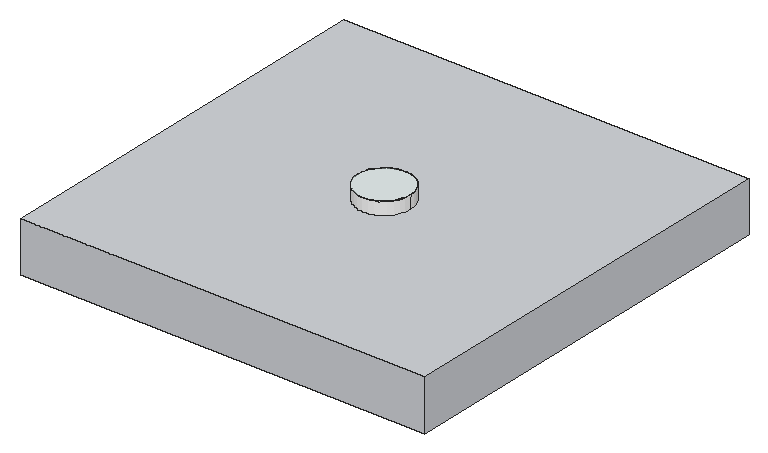
Revit family "POLYEVO", category Luminaires, Revit 2021
Family settings
  Hôte = Face
  Cote de connecteur circulaire = Utiliser le diamètre
  Type d'élément = Normal
  Numéro OmniClass = 23.80.70.11.17
  Titre OmniClass = Specialized Lighting by Location or Use
  Couper avec des vides une fois chargée = Non
  Source d'éclairage = Oui
  Partagée = Non
  Point de calcul de pièce = Oui
Parameters (values of type "DÉTEC HF 4000K BLANC 883002")
  Épaisseur côté = 1 mm
  Épaisseur = 74 mm
  URL = "https://www.resistex-sa.com/fr/polyevo-3313lm-hf-bl-4000k-717.html"
  Tension = 230 V  # constant formula
  built-in parameter 1150107 = 4000 (stored number, unit not read)
  Wattage = 26.8 W
  built-in parameter 1150110 = 1 (stored number, unit not read)
  built-in parameter 1150109 = 1 (stored number, unit not read)
  built-in parameter 1114218 = 1 (stored number, unit not read)
  built-in parameter 1150113 = 1 (stored number, unit not read)
  built-in parameter 1150112 = 1 (stored number, unit not read)
  Nombre pôles = 1  # constant formula
  built-in parameter 1150137 = (empty or 0)
  built-in parameter 1150132 = (empty or 0)
  Modèle = "Polyevo"  # constant formula
  Matériau diffuseur = PC Transparent
  Matériau corps = PC Blanc
  built-in parameter 1150105 = 263.6 (stored number, unit not read)
  built-in parameter 1150102 = (empty or 0)
  Indice de charge = Eclairage
  Image du type = <Aucun>
  IP = "65"  # constant formula
  IK = "10"  # constant formula
  Gradation des changements de température de couleur de lampe = <Aucun>
  Garantie = "5 ans"  # constant formula
  Lumens = 3312.48 lm
  Color Filter = 16777215
  Fichier de distribution photométrique = "883002.ies"
  built-in parameter 1114217 = 1 (stored number, unit not read)
  built-in parameter 1150139 = (empty or 0)
  Fabricant = "Résistex"  # constant formula
  Emit from Circle Diameter = 609.6 mm
  Emit Shape Visible in Rendering = no
  Default Elevation = 0 mm
  built-in parameter 1150104 = 11.483 (stored number, unit not read)
  built-in parameter 1150106 = 2.636 (stored number, unit not read)
  built-in parameter 1150115 = 1 (stored number, unit not read)
  built-in parameter 1150114 = 1 (stored number, unit not read)
  Diamètre = 320 mm
  Description = "Hublot équipé d'une platine LED SMD, efficacité lumineuse de 123.6lm/W"
  Coût = 150
  built-in parameter 1150138 = (empty or 0)
  built-in parameter 1150134 = 12
  Commentaires relatifs à la puissance = "26.8W"
  Apparent Load = 31.53 VA
  Tilt Angle = 60.00°
  built-in parameter 1150133 = 10 (stored number, unit not read)
Types (25, lengths in mm): name | URL | built-in parameter 1150107 | Wattage | Matériau corps | built-in parameter 1150105 | Lumens | Fichier de distribution photométrique | built-in parameter 1150104 | built-in parameter 1150106 | Description | Coût | built-in parameter 1150134 | Commentaires relatifs à la puissance | Apparent Load
  (no name) | "https://www.resistex-sa.com/fr/polyevo-3313lm-hf-bl-4000k-717.html" | 4000 (stored number, unit not read) | 26.8 W | PC Blanc | 263.6 (stored number, unit not read) | 3312.48 lm | "883002.ies" | 11.483 (stored number, unit not read) | 2.636 (stored number, unit not read) | "Hublot équipé d'une platine LED SMD, efficacité lumineuse de 123.6lm/W" | 150 | 12 | "26.8W" | 31.53 VA
  ON/OFF 4000K BLANC 883001 | "https://www.resistex-sa.com/fr/polyevo-3313lm-bl-4000k-716.html" | 4000 (stored number, unit not read) | 25.8 W | PC Blanc | 263.62 (stored number, unit not read) | 3312.72 lm | "883001.ies" | 11.929 (stored number, unit not read) | 2.6362 (stored number, unit not read) | "Hublot équipé d'une platine LED SMD, efficacité lumineuse de 128.4lm/W" | 122.5 | 12 | "25.8W" | 27.45 VA
  DÉTEC HF 4000K BLANC 883002 | "https://www.resistex-sa.com/fr/polyevo-3313lm-hf-bl-4000k-717.html" | 4000 (stored number, unit not read) | 26.8 W | PC Blanc | 263.6 (stored number, unit not read) | 3312.48 lm | "883002.ies" | 11.483 (stored number, unit not read) | 2.636 (stored number, unit not read) | "Hublot équipé d'une platine LED SMD, efficacité lumineuse de 123.6lm/W" | 150 | 12 | "26.8W" | 31.53 VA
  DÉTEC HF PRÉAVIS DEXTNCTION BLUETOOTH 4000K BLANC 883004 | "https://www.resistex-sa.com/fr/polyevo-3313lm-hf-pre-bt-bl-4000k-784.html" | 4000 (stored number, unit not read) | 26.8 W | PC Blanc | 263.6 (stored number, unit not read) | 3312.48 lm | "883004.ies" | 11.483 (stored number, unit not read) | 2.636 (stored number, unit not read) | "Hublot équipé d'une platine LED SMD et d'une détection hyperfréquence pilotée avec préavis d'extinction paramétrable par Bluetooth, efficacité lumineuse de 123.6lm/W" | 287.5 | 12 | "26.8W" | 29.78 VA
  ON/OFF 4000K GRAPHITE 883005 | "https://www.resistex-sa.com/fr/polyevo-2942lm-gr-4000k-839.html" | 4000 (stored number, unit not read) | 26 W | PC Graphite | 233.8 (stored number, unit not read) | 2938 lm | "883005.ies" | 10.498 (stored number, unit not read) | 2.338 (stored number, unit not read) | "Hublot équipé d'une platine LED SMD, efficacité lumineuse de 113lm/W" | 122.5 | 12 | "26W" | 27.66 VA
  DÉTEC HF 4000K GRAPHITE 883006 | "https://www.resistex-sa.com/fr/polyevo-2942lm-hf-gr-4000k-840.html" | 4000 (stored number, unit not read) | 27 W | PC Graphite | 233.98 (stored number, unit not read) | 2940.3 lm | "883006.ies" | 10.117 (stored number, unit not read) | 2.3398 (stored number, unit not read) | "Hublot équipé d'une platine LED SMD et d'une détection hyperfréquences paramétrable par micro-switch, efficacité lumineuse de 108.9lm/W" | 150 | 12 | "27W" | 31.76 VA
  DÉTEC HF PRÉAVIS DEXTNCTION BLUETOOTH 4000K GRAPHITE 883008 | "https://www.resistex-sa.com/fr/polyevo-2942lm-hf-pre-bt-gr-4000k-842.html" | 4000 (stored number, unit not read) | 27 W | PC Graphite | 233.98 (stored number, unit not read) | 2940.3 lm | "883008.ies" | 10.117 (stored number, unit not read) | 2.3398 (stored number, unit not read) | "Hublot équipé d'une platine LED SMD et d'une détection hyperfréquence pilotée avec préavis d'extinction paramétrable par Bluetooth, efficacité lumineuse de 108.9lm/W" | 287.5 | 12 | "27W" | 30 VA
  ON/OFF 3000K BLANC 883009 | "https://www.resistex-sa.com/fr/polyevo-3063lm-bl-3000k-864.html" | 3000 (stored number, unit not read) | 25.7 W | PC Blanc | 243.37 (stored number, unit not read) | 3058.3 lm | "883009.ies" | 11.055 (stored number, unit not read) | 2.4337 (stored number, unit not read) | "Hublot équipé d'une platine LED SMD, efficacité lumineuse de 119lm/W" | 122.5 | (empty or 0) | "25.7W" | 27.34 VA
  DÉTEC HF 3000K BLANC 883010 | "https://www.resistex-sa.com/fr/polyevo-3063lm-hf-bl-3000k-865.html" | 3000 (stored number, unit not read) | 26.7 W | PC Blanc | 243.71 (stored number, unit not read) | 3062.49 lm | "883010.ies" | 10.656 (stored number, unit not read) | 2.4371 (stored number, unit not read) | "Hublot équipé d'une platine LED SMD et d'une détection hyperfréquences paramétrable par micro-switch, efficacité lumineuse de 114.7lm/W" | 150 | (empty or 0) | "26.7W" | 31.41 VA
  DÉTEC HF PRÉAVIS DEXTNCTION BLUETOOTH 3000K BLANC 883012 | "https://www.resistex-sa.com/fr/polyevo-3063lm-hf-pre-bt-bl-3000k-867.html" | 3000 (stored number, unit not read) | 26.7 W | PC Blanc | 243.71 (stored number, unit not read) | 3062.49 lm | "883012.ies" | 10.656 (stored number, unit not read) | 2.4371 (stored number, unit not read) | "Hublot équipé d'une platine LED SMD et d'une détection hyperfréquence pilotée avec préavis d'extinction paramétrable par Bluetooth, efficacité lumineuse de 114.7lm/W" | 287.5 | (empty or 0) | "26.7W" | 29.67 VA
  ON/OFF 3000K GRAPHITE 883013 | "https://www.resistex-sa.com/fr/polyevo-2722lm-gr-3000k-868.html" | 3000 (stored number, unit not read) | 25.9 W | PC Graphite | 216.41 (stored number, unit not read) | 2719.5 lm | "883013.ies" | 9.7548 (stored number, unit not read) | 2.1641 (stored number, unit not read) | "Hublot équipé d'une platine LED SMD, efficacité lumineuse de 105lm/W" | 122.5 | (empty or 0) | "25.9W" | 27.55 VA
  DÉTEC HF 3000K GRAPHITE 883014 | "https://www.resistex-sa.com/fr/polyevo-2722lm-hf-gr-3000k-869.html" | 3000 (stored number, unit not read) | 26.9 W | PC Graphite | 216.2 (stored number, unit not read) | 2716.9 lm | "883014.ies" | 9.3832 (stored number, unit not read) | 2.162 (stored number, unit not read) | "Hublot équipé d'une platine LED SMD et d'une détection hyperfréquences paramétrable par micro-switch, efficacité lumineuse de 101lm/W" | 150 | (empty or 0) | "26.9W" | 31.65 VA
  DÉTEC HF PRÉAVIS DEXTNCTION BLUETOOTH 3000K GRAPHITE 883016 | "https://www.resistex-sa.com/fr/polyevo-2722lm-hf-pre-bt-gr-3000k-871.html" | 3000 (stored number, unit not read) | 26.9 W | PC Graphite | 216.2 (stored number, unit not read) | 2716.9 lm | "883016.ies" | 9.3832 (stored number, unit not read) | 2.162 (stored number, unit not read) | "Hublot équipé d'une platine LED SMD et d'une détection hyperfréquence pilotée avec préavis d'extinction paramétrable par Bluetooth, efficacité lumineuse de 101lm/W" | 287.5 | (empty or 0) | "26.9W" | 29.89 VA
  DALI 4000K GRAPHITE 883017 | "https://www.resistex-sa.com/fr/polyevo-2942lm-dali-4000k-1137.html" | 4000 (stored number, unit not read) | 25.8 W | PC Graphite | 232 (stored number, unit not read) | 2915.4 lm | "883017.ies" | 10.498 (stored number, unit not read) | 2.32 (stored number, unit not read) | "Hublot équipé d'une platine LED SMD et d'un driver à commande DALI, efficacité lumineuse de 113lm/W" | 180 | 12 | "25.8W" | 27.45 VA
  DÉTEC HF PRÉAVIS DEXTNCTION 4000K BLANC 883020 | "https://www.resistex-sa.com/fr/polyevo-3313lm-hf-cor-4000k-972.html" | 4000 (stored number, unit not read) | 26.8 W | PC Blanc | 263.6 (stored number, unit not read) | 3312.48 lm | "883020.ies" | 11.483 (stored number, unit not read) | 2.636 (stored number, unit not read) | "Hublot équipé d'une platine LED SMD et d'une détection hyperfréquences avec préavis d'extinction paramétrable par switch, efficacité lumineuse de 123.6lm/W" | 187.5 | 12 | "26.8W" | 29.78 VA
  DÉTEC HF PRÉAVIS DEXTNCTION 3000K BLANC 883021 | "https://www.resistex-sa.com/fr/polyevo-3063lm-hf-pre-bl-3000k-1033.html" | 3000 (stored number, unit not read) | 26.7 W | PC Blanc | 243.71 (stored number, unit not read) | 3062.49 lm | "883021.ies" | 10.656 (stored number, unit not read) | 2.4371 (stored number, unit not read) | "Hublot équipé d'une platine LED SMD et d'une détection hyperfréquences avec préavis d'extinction paramétrable par télécommande, efficacité lumineuse de 114.7lm/W" | 187.5 | (empty or 0) | "26.7W" | 29.67 VA
  DÉTEC HF PRÉAVIS DEXTNCTION 4000K GRAPHITE 883022 | "https://www.resistex-sa.com/fr/polyevo-2942lm-hf-pre-gr-4000k-1034.html" | 4000 (stored number, unit not read) | 27 W | PC Graphite | 233.98 (stored number, unit not read) | 2940.3 lm | "883022.ies" | 10.117 (stored number, unit not read) | 2.3398 (stored number, unit not read) | "Hublot équipé d'une platine LED SMD et d'une détection hyperfréquences avec préavis d'extinction paramétrable par télécommande, efficacité lumineuse de 108.9lm/W" | 187.5 | 12 | "27W" | 30 VA
  DÉTEC HF PRÉAVIS DEXTNCTION 3000K GRAPHITE 883023 | "https://www.resistex-sa.com/fr/polyevo-2722lm-hf-pre-graph-3000k-1035.html" | 3000 (stored number, unit not read) | 26.9 W | PC Graphite | 216.2 (stored number, unit not read) | 2716.9 lm | "883023.ies" | 9.3832 (stored number, unit not read) | 2.162 (stored number, unit not read) | "Hublot équipé d'une platine LED SMD et d'une détection hyperfréquences avec préavis d'extinction paramétrable par télécommande, efficacité lumineuse de 101lm/W" | 187.5 | (empty or 0) | "26.9W" | 29.89 VA
  DALI 4000K BLANC 883025 | "https://www.resistex-sa.com/fr/polyevo-dali-3313lm-bl-4000k-1159.html" | 4000 (stored number, unit not read) | 25.8 W | PC Blanc | 263.62 (stored number, unit not read) | 3312.72 lm | "883025.ies" | 11.929 (stored number, unit not read) | 2.6362 (stored number, unit not read) | "Hublot équipé d'une platine LED SMD et d'un driver à commande DALI, efficacité lumineuse de 128.4lm/W" | 180 | 12 | "25.8W" | 27.45 VA
  DALI 3000K BLANC 883026 | "https://www.resistex-sa.com/fr/polyevo-dali-3063lm-bl-3000k-1124.html" | 3000 (stored number, unit not read) | 25.7 W | PC Blanc | 243.37 (stored number, unit not read) | 3058.3 lm | "883026.ies" | 11.055 (stored number, unit not read) | 2.4337 (stored number, unit not read) | "Hublot équipé d'une platine LED SMD et d'un driver à commande DALI, efficacité lumineuse de 119lm/W" | 180 | (empty or 0) | "25.7W" | 27.34 VA
  DALI 3000K GRAPHITE 883027 | "https://www.resistex-sa.com/fr/polyevo-dali-2722lm-graph-3000k-1160.html" | 3000 (stored number, unit not read) | 25.9 W | PC Graphite | 216.41 (stored number, unit not read) | 2719.5 lm | "883027.ies" | 9.7548 (stored number, unit not read) | 2.1641 (stored number, unit not read) | "Hublot équipé d'une platine LED SMD et d'un driver à commande DALI, efficacité lumineuse de 105lm/W" | 180 | (empty or 0) | "25.9W" | 27.55 VA
  DÉTEC BLUETOOTH 3000K BLANC 883028 | "https://www.resistex-sa.com/fr/polyevo-3063lm-hf-bt-bl-3000k-1161.html" | 3000 (stored number, unit not read) | 26.7 W | PC Blanc | 243.71 (stored number, unit not read) | 3062.49 lm | "883028.ies" | 10.656 (stored number, unit not read) | 2.4371 (stored number, unit not read) | "Hublot équipé d'une platine LED SMD et d'une détection hyperfréquences paramétrable par Bluetooth, efficacité lumineuse de 114.7lm/W" | 230 | (empty or 0) | "26.7W" | 31.41 VA
  DÉTEC BLUETOOTH 4000K BLANC 883029 | "https://www.resistex-sa.com/fr/polyevo-3313lm-hf-bt-bl-4000k-1162.html" | 4000 (stored number, unit not read) | 26.8 W | PC Blanc | 263.6 (stored number, unit not read) | 3312.48 lm | "883029.ies" | 11.483 (stored number, unit not read) | 2.636 (stored number, unit not read) | "Hublot équipé d'une platine LED SMD et d'une détection hyperfréquences paramétrable par Bluetooth, efficacité lumineuse de 123.6lm/W" | 230 | 12 | "26.8W" | 31.53 VA
  DÉTEC BLUETOOTH 3000K GRAPHITE 883030 | "https://www.resistex-sa.com/fr/polyevo-2722lm-hf-bt-gr-3000k-1163.html" | 3000 (stored number, unit not read) | 26.9 W | PC Graphite | 216.2 (stored number, unit not read) | 2716.9 lm | "883030.ies" | 9.3832 (stored number, unit not read) | 2.162 (stored number, unit not read) | "Hublot équipé d'une platine LED SMD et d'une détection hyperfréquences paramétrable par Bluetooth, efficacité lumineuse de 101lm/W" | 230 | (empty or 0) | "26.9W" | 31.65 VA
  DÉTEC BLUETOOTH 4000K GRAPHITE 883031 | "https://www.resistex-sa.com/fr/polyevo-2942lm-hf-bt-gr-4000k-1164.html" | 4000 (stored number, unit not read) | 27 W | PC Graphite | 233.98 (stored number, unit not read) | 2940.3 lm | "883031.ies" | 10.117 (stored number, unit not read) | 2.3398 (stored number, unit not read) | "Hublot équipé d'une platine LED SMD et d'une détection hyperfréquences paramétrable par Bluetooth, efficacité lumineuse de 108.9lm/W" | 230 | 12 | "27W" | 31.76 VA
Reference planes
  plane 1 "Centre (avant/arrière)": y = 0
  plane 2: z = 0
  plane 3 "Centre (gauche/droite)": x = 0
  plane 4 "surface verre": z = 74
Forms (mm)
  Extrusion 1, solid
    sketch origin (0, 0, 0) x (1, 0, 0) y (0, 1, 0)
      loop
        line (-1219.2, 1219.2) -> (-1219.2, -1219.2) -> (1219.2, -1219.2) -> (1219.2, 1219.2) -> (-1219.2, 1219.2)
    from 0 to -304.8
  Extrusion 2, solid, material "PC Blanc" <- "Matériau corps"
    sketch origin (0, 0, 0) x (1, 0, 0) y (0, 1, 0)
      loop
        circle (0, 0) r 160
    from 0 to 74 <- "Épaisseur"
  Extrusion 3, solid, material "PC Transparent" <- "Matériau diffuseur"
    sketch origin (0, 0, 74) x (-1, 0, 0) y (0, -1, 0)
      loop
        circle (0, 0) r 160
    from 0 to 1 <- "Épaisseur côté"
Dimensions and locks
  "Diamètre": diameter of Extrusion 2 sketch curve
  "Diamètre": diameter of Extrusion 3 sketch curve
  aligned and locked: plane 2 to Extrusion 1
  aligned and locked: level to Extrusion 1
  aligned and locked: plane 3 "Centre (gauche/droite)" to Extrusion 2 sketch curve
  aligned and locked: plane 1 "Centre (avant/arrière)" to Extrusion 2 sketch curve
  aligned and locked: plane 3 "Centre (gauche/droite)" to Extrusion 3 sketch curve
  aligned and locked: plane 1 "Centre (avant/arrière)" to Extrusion 3 sketch curve
Automatic sketch dimensions
  Extrusion 1 sketch curve to Extrusion 1 sketch curve = 2438.4 mm  (x2)
Connectors
  electrical at (0, 0, 0), driven by "Nombre pôles", driven by "Tension", driven by "Indice de charge", driven by "Apparent Load"
    settings: on Extrusion 2, index 1, voltage 230 V, apparent load 0 VA, apparent load phase1 31.53 VA, apparent load phase2 0 VA, apparent load phase3 0 VA, power factor 1, load classification "Eclairage", number of poles 1, system type 31, power factor state 1, is connector primary yes, connector utility no, sub classification motor no, connector description ""
